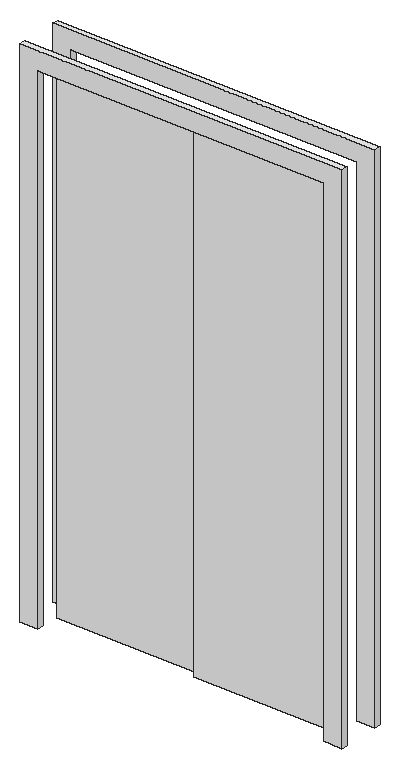
Revit family "0008_M_DR_W_double_side_sliding_door_family", category 문, Revit 2026
Family settings
  호스트 = 벽
  항상 수직 = 예
  로드될 때 보이드를 사용하여 절단 = 아니오
  공유 = 아니오
  룸 계산 점 = 아니오
Parameters (values of type "1200 x 2100 mm")
  프레임 투영 외부 = 25 mm
  프레임 투영 내부 = 25 mm
  프레임 폭 = 75 mm
  Function = (empty or 0)
  Assembly Code = ""
  높이 = 2100 mm
  벽 마무리 = 호스트별
  폭 = 1200 mm
Reference planes
  plane 1: y = 0
  plane 2 "중심(왼쪽/오른쪽)": x = 0
  plane 3 "좌측면": x = -600
  plane 4 "오른쪽": x = 600
  plane 5: z = 2100
  plane 6 "외부": y = 75
  plane 7 "내부": y = -75
Forms (mm)
  Extrusion 1, solid, material "문틀"
    sketch origin (-3050, -75, 0) x (1, 0, 0) y (0, 0, 1)
      loop
        line (2375, 0) -> (2450, 0) -> (2450, 2100) -> (3650, 2100) -> (3650, 0) -> (3725, 0) -> (3725, 2175) -> (2375, 2175) -> (2375, 0)
    from 0 to 25
  Extrusion 2, solid, material "문틀"
    sketch origin (-3050, 75, 0) x (-1, 0, 0) y (0, 0, 1)
      loop
        line (-2450, 0) -> (-2375, 0) -> (-2375, 2175) -> (-3725, 2175) -> (-3725, 0) -> (-3650, 0) -> (-3650, 2100) -> (-2450, 2100) -> (-2450, 0)
    from 0 to 25
  Extrusion 3, solid, material "문짝"
    sketch origin (0, 0, 0) x (1, 0, 0) y (0, 1, 0)
      loop
        line (-600, 30) -> (-600, 0) -> (0, 0) -> (0, 30) -> (-600, 30)
    from 0 to 2100
  Extrusion 4, solid, material "문짝"
    sketch origin (600, -60, 0) x (1, 0, 0) y (0, 1, 0)
      loop
        line (-600, 60) -> (-600, 30) -> (0, 30) -> (0, 60) -> (-600, 60)
    from 0 to 2100
Lines and regions (mm)
  Opening 1
    outline origin (-3050, -75, 0) x (1, 0, 0) y (0, 0, 1)
      loop
        line (2450, 0) -> (3650, 0) -> (3650, 2100) -> (2450, 2100) -> (2450, 0)
  symbolic lines, style "입면도 스윙"
    curve 1: line (600, -75, 1050) -> (-318.75, -75, 2100)
    curve 2: line (600, -75, 1050) -> (-600, -75, 0)
    curve 3: line (-600, 75, 0) -> (600, 75, 1050)
    curve 4: line (600, 75, 1050) -> (-600, 75, 2421.429)
  symbolic lines
    curve 5: line (-600, 75, 0) -> (600, 75, 0)
    curve 6: line (-600, -75, 0) -> (600, -75, 0)
    curve 7: line (-600, 0, 0) -> (600, 0, 0)
    curve 8: line (0, 75, 0) -> (0, -75, 0)
Text (mm)
  text "외부" at (-2295.016, 1099.543, 0), in view "참조 레벨"
  text "외부" at (0, 1615.38, 3698.081), in view "좌측면"
  text "외부" at (0, 1036.032, 3874.932), in view "오른쪽"
Dimensions and locks
  equal spacing: plane 3 "좌측면", plane 2 "중심(왼쪽/오른쪽)", plane 4 "오른쪽"
  "폭": plane 3 "좌측면" to plane 4 "오른쪽"
  "높이": plane 5 to host wall
  equal spacing: host wall, curve 2, plane 5
  equal spacing: host wall, curve 4, plane 5
  "프레임 투영 외부": Extrusion 2 to Extrusion 2
  "프레임 투영 내부": Extrusion 1 to Extrusion 1
  "프레임 폭": plane 3 "좌측면" to Extrusion 1 sketch curve
  "프레임 폭": plane 4 "오른쪽" to Extrusion 1 sketch curve
  "프레임 폭": Extrusion 1 sketch curve to plane 5
  "프레임 폭": plane 4 "오른쪽" to Extrusion 2 sketch curve
  "프레임 폭": plane 3 "좌측면" to Extrusion 2 sketch curve
  "프레임 폭": plane 5 to Extrusion 2 sketch curve
  locked: plane 6 "외부" to host wall at 0
  locked: plane 7 "내부" to host wall
  locked: host wall to Extrusion 3 sketch curve at 30
  locked: Extrusion 4 sketch curve to host wall at 30
  aligned and locked: plane 3 "좌측면" to Opening 1 sketch curve
  aligned and locked: plane 5 to Opening 1 sketch curve  (x2)
  aligned and locked: Opening 1 sketch curve to plane 4 "오른쪽"
  aligned and locked: Opening 1 sketch curve to level
  aligned and locked: level to Extrusion 1 sketch curve
  aligned and locked: plane 5 to Extrusion 1 sketch curve  (x2)
  aligned and locked: Extrusion 1 sketch curve to plane 4 "오른쪽"
  aligned and locked: plane 3 "좌측면" to Extrusion 1 sketch curve
  aligned and locked: plane 3 "좌측면" to Extrusion 2 sketch curve
  aligned and locked: plane 5 to Extrusion 2 sketch curve  (x2)
  aligned and locked: level to Extrusion 2 sketch curve
  aligned and locked: plane 5 to curve 1
  aligned and locked: plane 3 "좌측면" to curve 2
  aligned and locked: plane 1 to host wall
  aligned and locked: Extrusion 3 sketch curve to curve 7
  aligned and locked: Extrusion 4 to host wall
  aligned and locked: host wall to Extrusion 3
  aligned and locked: plane 2 "중심(왼쪽/오른쪽)" to Extrusion 3
  aligned and locked: Extrusion 4 to plane 2 "중심(왼쪽/오른쪽)"
  aligned and locked: plane 3 "좌측면" to Extrusion 3
  aligned and locked: Extrusion 4 to plane 4 "오른쪽"
  aligned and locked: plane 5 to Extrusion 2
  aligned and locked: Extrusion 3 to plane 5
  aligned and locked: Extrusion 4 to plane 5
  aligned and locked: Extrusion 3 to level
  aligned and locked: Extrusion 4 to level
Automatic sketch dimensions
  plane 3 "좌측면" to curve 4 = 0 mm
  curve 3 to level = 0 mm
  curve 2 to level = 0 mm
  plane 3 "좌측면" to curve 3 = 0 mm
  plane 4 "오른쪽" to curve 3 = 0 mm
  plane 4 "오른쪽" to curve 2 = 0 mm
  Extrusion 1 sketch curve to level = 0 mm
  plane 4 "오른쪽" to Extrusion 2 sketch curve = 0 mm
  Extrusion 2 sketch curve to level = 0 mm
  host wall to curve 7 = 0 mm
  curve 7 to plane 3 "좌측면" = 0 mm
  host wall to curve 6 = 0 mm
  curve 6 to plane 3 "좌측면" = 0 mm
  curve 5 to host wall = 0 mm
  curve 5 to plane 3 "좌측면" = 0 mm
  curve 8 to plane 2 "중심(왼쪽/오른쪽)" = 0 mm
  curve 7 to plane 4 "오른쪽" = 0 mm
  curve 6 to plane 4 "오른쪽" = 0 mm
  curve 5 to plane 4 "오른쪽" = 0 mm
  Extrusion 3 sketch curve to plane 3 "좌측면" = 0 mm
  Extrusion 3 sketch curve to plane 2 "중심(왼쪽/오른쪽)" = 0 mm
  host wall to Extrusion 4 sketch curve = 0 mm
  Extrusion 4 sketch curve to plane 2 "중심(왼쪽/오른쪽)" = 0 mm
  Extrusion 4 sketch curve to plane 4 "오른쪽" = 0 mm
